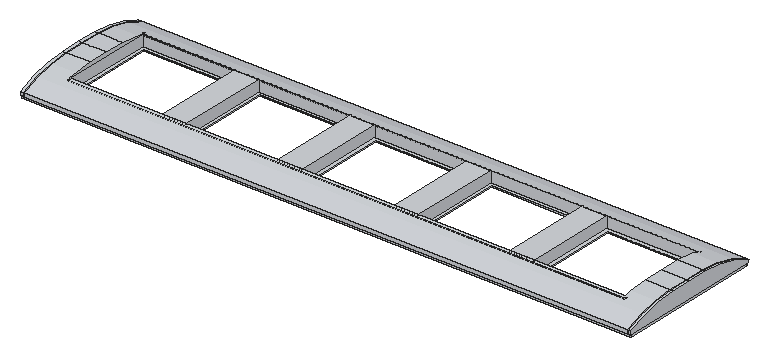
Revit family "Gira_0215773", category Electrical Fixtures, host Face, Revit 2017
Family settings
  Host = Face
  Maintain Annotation Orientation = No
  Round Connector Dimension = Use Diameter
  Part Type = Normal
  Cut with Voids When Loaded = No
  Shared = No
  Room Calculation Point = No
Parameters (values of type "Cov.fr. 5-g interm.fr. PW Gira Event Clear sand")
  With mounting grid = "No"
  With hinged lid = "No"
  URL = "http://katalog.gira.de/en/datenblatt.html?artikelnr=0215773"
  Type of fastening = "Clamp mounting"
  Transparent = "No"
  Surface protection = "Other"
  Surface finishing = "Glossy"
  Suitable for wall duct = "No"
  Suitable for flush-mounted installation = "Yes"
  Suitable for floor box = "No"
  Suitable for built-in installation = "No"
  Number of units vertical = "5"
  Number of units horizontal = "5"
  Number of units = "5"
  Name = "Cov.fr. 5-g interm.fr. PW Gira Event Clear sand"
  Mounting direction = "Horizontal and vertical"
  Material quality = "Thermoplastic"
  Material = "Plastic"
  Manufacturer URL = "https://www.gira.de/"
  Manufacturer = "Gira"
  Label space/information surface = "No"
  Keynote = ""
  HeinzeBIM = "https://bimportal.heinze.de/bim/cov-fr-5-g-interm-fr-pw-gira-event-clear-sand/fec51a3085bec9034ed690c51eddefa624c68939"
  Halogen free = "Yes"
  HAN = "0215773"
  GTIN = "4010337069584"
  Description = "Cov.fr.5g i.fr.PW EvCl SD,Gira Event Clear cover frame,sand with pure white glossy intermediate frame,5-gang,Features:,- Shatter-proof."
  Degree of protection (IP) = "IP20"
  Default Elevation = 1219.2 mm
  Data sheet (1) = "https://katalog.gira.de/en/download.html?artikelnr=0215773"
  Colour = "Other"
  Category = "Cover frame for domestic switching devices"
  BIM (1) = "https://media.stage.bim.site/public/gira/36a6b08/Event_Rahmen_5fach.rfa"
  Available = "No"
Reference planes
  plane 1 "Center (Front/Back)": y = 0
  plane 2: z = 0
  plane 3 "Center (Left/Right)": x = 0
Forms (mm)
  Extrusion 1, solid, detail levels fine
    sketch origin (0, 0, 0.05) x (0, 1, 0) y (0, 0, 1)
      loop
        arc (12.445, 9.683) -> (6.223, 9.833) -> (0, 9.85) r 291.636
        arc (0, 9.85) -> (-6.223, 9.833) -> (-12.445, 9.683) r 291.636
        arc (-12.445, 9.683) -> (-29.14, 7.482) -> (-45, 1.823) r 79.728
        line (-45, 1.823) -> (-45, -0.05) -> (-42.086, -0.05)
        arc (-42.086, -0.05) -> (-21.385, 5.559) -> (0, 7.206) r 114.424
        arc (0, 7.206) -> (21.385, 5.559) -> (42.086, -0.05) r 114.424
        line (42.086, -0.05) -> (45, -0.05) -> (45, 1.823)
        arc (45, 1.823) -> (29.14, 7.482) -> (12.445, 9.683) r 79.728
    from -185.578 to 185.593
  Extrusion 2, void, detail levels fine
    sketch origin (0, 0, 0) x (1, 0, 0) y (0, 1, 0)
      loop
        line (170.607, 28) -> (-170.593, 28) -> (-170.593, -28) -> (170.607, -28) -> (170.607, 28)
    from 0.724 to 11
  Extrusion 3, solid, detail levels coarse
    sketch origin (0, 0, 0) x (1, 0, 0) y (0, 1, 0)
      loop
        line (-187.578, 45) -> (-187.578, -45) -> (187.593, -45) -> (187.593, 45) -> (-187.578, 45)
    from -1.5 to 9.9
  Extrusion 4, solid, detail levels medium
    sketch origin (0, 0, 0.05) x (0, 1, 0) y (0, 0, 1)
      loop
        arc (12.445, 9.683) -> (6.223, 9.833) -> (0, 9.85) r 291.636
        arc (0, 9.85) -> (-6.223, 9.833) -> (-12.445, 9.683) r 291.636
        arc (-12.445, 9.683) -> (-29.14, 7.482) -> (-45, 1.823) r 79.728
        line (-45, 1.823) -> (-45, -0.05) -> (45, -0.05) -> (45, 1.823)
        arc (45, 1.823) -> (29.14, 7.482) -> (12.445, 9.683) r 79.728
    from -187.578 to 187.593
  Extrusion 5, solid, detail levels fine
    sketch origin (-142.578, 0, -1.5) x (0, 1, 0) y (0, 0, -1)
      loop
        line (45, -3.373) -> (45, -1.5) -> (-45, -1.5) -> (-45, -3.373)
        arc (-45, -3.373) -> (-29.14, -9.032) -> (-12.445, -11.233) r 79.728
        arc (-12.445, -11.233) -> (-6.223, -11.383) -> (0, -11.4) r 291.636
        arc (0, -11.4) -> (6.223, -11.383) -> (12.445, -11.233) r 291.636
        arc (12.445, -11.233) -> (29.14, -9.032) -> (45, -3.373) r 79.728
    from 43 to 45
  Extrusion 6, solid, detail levels fine
    sketch origin (0, 0, 0) x (1, 0, 0) y (0, 1, 0)
      loop
        line (-168.493, 25.7) -> (-168.493, -25.7) -> (-116.693, -25.7) -> (-116.693, 25.7) -> (-168.493, 25.7)
      loop
        line (-45.398, -25.7) -> (-45.398, 25.7) -> (-97.198, 25.7) -> (-97.198, -25.7) -> (-45.398, -25.7)
      loop
        line (-171.487, 28.49) -> (-171.487, -28.495)
        spline (-171.487, -28.495) -> (-171.479, -28.625) -> (-171.453, -28.754) -> (-171.411, -28.878) -> (-171.353, -28.995) -> (-171.281, -29.104) -> (-171.194, -29.202) -> (-171.096, -29.288) -> (-170.987, -29.361) -> (-170.87, -29.419) -> (-170.746, -29.461) -> (-170.618, -29.486) -> (-170.487, -29.495)
        line (-170.487, -29.495) -> (170.502, -29.495)
        spline (170.502, -29.495) -> (170.633, -29.486) -> (170.761, -29.461) -> (170.885, -29.419) -> (171.002, -29.361) -> (171.111, -29.288) -> (171.209, -29.202) -> (171.296, -29.104) -> (171.368, -28.995) -> (171.426, -28.878) -> (171.468, -28.754) -> (171.494, -28.625) -> (171.502, -28.495)
        line (171.502, -28.495) -> (171.502, 28.49)
        spline (171.502, 28.49) -> (171.494, 28.62) -> (171.468, 28.748) -> (171.426, 28.872) -> (171.368, 28.99) -> (171.296, 29.098) -> (171.209, 29.197) -> (171.111, 29.283) -> (171.002, 29.356) -> (170.885, 29.413) -> (170.761, 29.456) -> (170.633, 29.481) -> (170.502, 29.49)
        line (170.502, 29.49) -> (-170.487, 29.49)
        spline (-170.487, 29.49) -> (-170.618, 29.481) -> (-170.746, 29.456) -> (-170.87, 29.413) -> (-170.987, 29.356) -> (-171.096, 29.283) -> (-171.194, 29.197) -> (-171.281, 29.098) -> (-171.353, 28.99) -> (-171.411, 28.872) -> (-171.453, 28.748) -> (-171.479, 28.62) -> (-171.487, 28.49)
      loop
        line (25.902, -25.7) -> (25.902, 25.7) -> (-25.898, 25.7) -> (-25.898, -25.7) -> (25.902, -25.7)
      loop
        line (97.207, -25.7) -> (97.207, 25.7) -> (45.407, 25.7) -> (45.407, -25.7) -> (97.207, -25.7)
      loop
        line (168.507, -25.7) -> (168.507, 25.7) -> (116.707, 25.7) -> (116.707, -25.7) -> (168.507, -25.7)
    from 0.1 to 7.3
  Extrusion 7, solid
    sketch origin (0, 0, 0) x (1, 0, 0) y (0, 1, 0)
      loop
        arc (-187.293, -44.218) -> (-187.146, -44.572) -> (-186.793, -44.718) r 0.5
        line (-186.793, -44.718) -> (186.807, -44.718)
        arc (186.807, -44.718) -> (187.161, -44.572) -> (187.307, -44.218) r 0.5
        line (187.307, -44.218) -> (187.307, 44.182)
        arc (187.307, 44.182) -> (187.161, 44.535) -> (186.807, 44.682) r 0.5
        line (186.807, 44.682) -> (-186.793, 44.682)
        arc (-186.793, 44.682) -> (-187.146, 44.535) -> (-187.293, 44.182) r 0.5
        line (-187.293, 44.182) -> (-187.293, -44.218)
      loop
        line (-185.593, 42.982) -> (-185.593, -43.018) -> (185.607, -43.018) -> (185.607, 42.982) -> (-185.593, 42.982)
    from -1.5 to 0.5
  Extrusion 8, solid, detail levels fine
    sketch origin (142.593, 0, -1.5) x (0, 1, 0) y (0, 0, 1)
      loop
        arc (45, 3.373) -> (29.14, 9.032) -> (12.445, 11.233) r 79.728
        arc (12.445, 11.233) -> (6.223, 11.383) -> (0, 11.4) r 291.636
        arc (0, 11.4) -> (-6.223, 11.383) -> (-12.445, 11.233) r 291.636
        arc (-12.445, 11.233) -> (-29.14, 9.032) -> (-45, 3.373) r 79.728
        line (-45, 3.373) -> (-45, 1.5) -> (45, 1.5) -> (45, 3.373)
    from 43 to 45
  Extrusion 9, solid, detail levels medium
    sketch origin (0, 0, 0) x (1, 0, 0) y (0, 1, 0)
      loop
        line (-187.293, -44.718) -> (187.307, -44.718) -> (187.307, 44.682) -> (-187.293, 44.682) -> (-187.293, -44.718)
    from -1.5 to 0.5
  Extrusion 10, solid, detail levels fine
    sketch origin (-105.5, 0, 0) x (1, 0, 0) y (0, 1, 0)
      loop
        line (-8.943, 28.063) -> (-8.943, -27.937) -> (6.057, -27.937) -> (6.057, 28.063) -> (-8.943, 28.063)
    from 0.724 to 7.566
  Extrusion 11, solid, detail levels fine
    sketch origin (-37.085, 0, 0) x (-1, 0, 0) y (0, -1, 0)
      loop
        line (-8.943, -28.063) -> (6.057, -28.063) -> (6.057, 27.937) -> (-8.943, 27.937) -> (-8.943, -28.063)
    from 0.724 to 7.566
  Extrusion 12, solid, detail levels fine
    sketch origin (105.5, 0, 0) x (-1, 0, 0) y (0, -1, 0)
      loop
        line (-8.943, -28.063) -> (6.057, -28.063) -> (6.057, 27.937) -> (-8.943, 27.937) -> (-8.943, -28.063)
    from 0.724 to 7.566
  Extrusion 13, solid, detail levels fine
    sketch origin (37.085, 0, 0) x (1, 0, 0) y (0, 1, 0)
      loop
        line (-8.943, 28.063) -> (-8.943, -27.937) -> (6.057, -27.937) -> (6.057, 28.063) -> (-8.943, 28.063)
    from 0.724 to 7.566
Cuts and joins
  Extrusion 2 cuts Extrusion 1
  Extrusion 2 cuts Extrusion 6
Dimensions and locks
  aligned and locked: plane 2 to host face
  aligned and locked: level to host face
